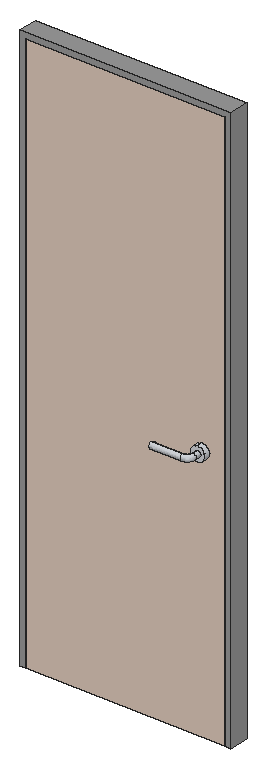
Revit family "- Solida Vicenza", category Doors, host Wall, Revit 2018
Family settings
  Host = Wall
  OmniClass Number = 23.30.10.00
  OmniClass Title = Doors
  Always vertical = Yes
  Cut with Voids When Loaded = No
  Shared = No
  Room Calculation Point = No
Parameters (values of type "- 70 x 200 cm")
  Set de Marcos = ""
  Relleno = ""
  Material Marco = - Perfil Aluminio
  Material Hoja = - Solida
  Manilla = - Manilla
  Hojas = "Simple de Abatir"
  Function = Interior
  Frame Projection Ext. = 2.50 cm
  Frame Projection Int. = 2.50 cm
  Frame Width = 7.50 cm
  Height = 200.00 cm
  Wall Closure = By host
  Width = 74.00 cm
  Distancia a Cara Interior = 6.00 cm
  Bisagras = ""
  Ancho Hoja = Width - 4.00 cm  # 70.00 cm
  Ancho = Width  # 74.00 cm
  Analytic Construction = "<None>"
  Alto = Height  # 200.00 cm
Types (12, lengths in cm): name | Height | Width | Ancho Hoja | Ancho | Alto
  - 70 x 200 cm | 200.00 | 74.00 | 70.00 | 74.00 | 200.00
  - 75 x 200 cm | 200.00 | 79.00 | 75.00 | 79.00 | 200.00
  - 80 x 200 cm | 200.00 | 84.00 | 80.00 | 84.00 | 200.00
  - 85 x 200 cm | 200.00 | 89.00 | 85.00 | 89.00 | 200.00
  - 90 x 200 cm | 200.00 | 94.00 | 90.00 | 94.00 | 200.00
  -100 x 200 cm | 200.00 | 104.00 | 100.00 | 104.00 | 200.00
  - 70 x 210 cm | 210.00 | 74.00 | 70.00 | 74.00 | 210.00
  - 75 x 210 cm | 210.00 | 79.00 | 75.00 | 79.00 | 210.00
  - 80 x 210 cm | 210.00 | 84.00 | 80.00 | 84.00 | 210.00
  - 85 x 210 cm | 210.00 | 89.00 | 85.00 | 89.00 | 210.00
  - 90 x 210 cm | 210.00 | 94.00 | 90.00 | 94.00 | 210.00
  - 100 x 210 cm | 210.00 | 104.00 | 100.00 | 104.00 | 210.00
Reference planes (cm)
  plane 1: y = 0
  plane 2 "Center (Left/Right)": x = 0
  plane 3 "Left": x = -37
  plane 4 "Right": x = 37
  plane 5: z = 200
  plane 6 "Exterior": y = 7.5
  plane 7 "Interior": y = -7.5
  plane 8: y = -1.5
  plane 9: z = 198
  plane 10: x = -35
  plane 11: x = 35
Forms (cm)
  Sweep 1, solid, material "- Perfil Aluminio" <- "Material Marco"
    path origin (0, 7.5, 0) x (1, 0, 0) y (0, 0, 1)
      loop
        line (37, 0) -> (37, 200) -> (-37, 200) -> (-37, 0)
    profile origin (37, 7.5, 100) x (-1, 0, 0) y (0, -1, 0)
      loop
        line (0, 2) -> (3, 2) -> (3, 4.3) -> (2, 4.3) -> (2, 9) -> (0, 9) -> (0, 2)
  Extrusion 2, solid, material "- Solida" <- "Material Hoja"
    sketch origin (0, 0, 0) x (1, 0, 0) y (0, 1, 0)
      loop
        line (-35, -1.5) -> (35, -1.5) -> (35, 3) -> (-35, 3) -> (-35, -1.5)
    from 0 to 198
  Sweep 3, solid, material "- Manilla" <- "Manilla", not visible
    path origin (5.8483, -7.5601, 0) x (1, 0, 0) y (0, 1, 0)
      loop
        line (22.1517, 15.0613) -> (32.1517, 15.0613)
        arc (32.1517, 15.0613) -> (33.5659, 14.4756) -> (34.1517, 13.0613) r 2
        line (34.1517, 13.0613) -> (34.1517, 11.0613)
    profile origin (33, 7.5012, 0) x (0, 1, 0) y (0, 0, 1)
      loop
        circle (0, 90) r 1
  Extrusion 4, solid, material "- Manilla" <- "Manilla", not visible
    sketch origin (0, 7.5, 0) x (1, 0, 0) y (0, 0, 1)
      loop
        circle (40, 90) r 2.5
    from 3.9988 to 5
Lines and regions (cm)
  Opening 1
    outline origin (-305, -7.5, 0) x (1, 0, 0) y (0, 0, 1)
      loop
        line (268, 0) -> (342, 0) -> (342, 200) -> (268, 200) -> (268, 0)
  symbolic lines, style "Elevation Swing"
    curve 1: line (37, -7.5, 100) -> (-37, -7.5, 200)
    curve 2: line (37, -7.5, 100) -> (-37, -7.5, 0)
    curve 7: arc (-30.5, -71.5, 0) -> (16.4246, -49.6941, 0) -> (35.2596, -1.5001, 0) r 69.4706
  symbolic lines
    curve 3: line (-35, -1.5, 0) -> (-35, -71.5, 0)
    curve 4: line (-30.5, -1.5, 0) -> (-35, -1.5, 0)
    curve 5: line (-30.5, -71.5, 0) -> (-30.5, -1.5, 0)
    curve 6: line (-35, -71.5, 0) -> (-30.5, -71.5, 0)
  model lines, not visible
    curve 8: line (-20, 3, 25) -> (20, 3, 25)
    curve 9: line (-20, 3, 65) -> (-20, 3, 25)
    curve 10: line (20, 3, 65) -> (8.6603, 3, 65)
    curve 11: line (20, 3, 25) -> (20, 3, 65)
    curve 12: line (-20, 3, 75) -> (-8.6603, 3, 75)
    curve 13: line (-20, 3, 75) -> (-20, 3, 169.9666)
    curve 14: line (20, 3, 75) -> (20, 3, 169.9666)
    curve 15: arc (-8.6603, 3, 65) -> (0, 3, 60) -> (8.6603, 3, 65) r 10
    curve 16: line (8.6603, 3, 75) -> (20, 3, 75)
    curve 17: line (-8.6603, 3, 65) -> (-20, 3, 65)
    curve 18: arc (8.6603, 3, 75) -> (0, 3, 80) -> (-8.6603, 3, 75) r 10
    curve 19: arc (14.9666, 3, 175) -> (0, 3, 183) -> (-14.9666, 3, 175) r 18
    curve 20: arc (-20, 3, 169.9666) -> (-16.4409, 3, 171.4409) -> (-14.9666, 3, 175) r 5.0334
    curve 21: arc (14.9666, 3, 175) -> (16.4409, 3, 171.4409) -> (20, 3, 169.9666) r 5.0334
    curve 22: line (-9.2195, 3, 64) -> (-19, 3, 64)
    curve 23: line (-19, 3, 64) -> (-19, 3, 26)
    curve 24: arc (9.2195, 3, 64) -> (0, 3, 59) -> (-9.2195, 3, 64) r 11
    curve 25: line (19, 3, 64) -> (9.2195, 3, 64)
    curve 26: line (19, 3, 26) -> (19, 3, 64)
    curve 27: line (-19, 3, 26) -> (19, 3, 26)
    curve 28: line (-18.9928, 3, 168.9932) -> (-18.9928, 3, 76)
    curve 29: arc (-13.9941, 3, 174.9045) -> (-15.4113, 3, 171.0338) -> (-18.9928, 3, 168.9932) r 5.9946
    curve 30: arc (13.9971, 3, 174.7848) -> (0.0327, 3, 182.1538) -> (-13.9941, 3, 174.9045) r 17.0542
    curve 31: arc (19, 3, 169.1276) -> (15.4988, 3, 171.072) -> (13.9971, 3, 174.7848) r 6.0089
    curve 32: line (19, 3, 76) -> (19, 3, 169.1276)
    curve 33: line (9.2195, 3, 76) -> (19, 3, 76)
    curve 34: arc (-9.2195, 3, 76) -> (0, 3, 81) -> (9.2195, 3, 76) r 11
    curve 35: line (-18.9928, 3, 76) -> (-9.2195, 3, 76)
    curve 36: arc (12.052, 3, 174.0667) -> (0.0498, 3, 180.1537) -> (-12.0243, 3, 174.2107) r 15.0542
    curve 37: arc (-12.0243, 3, 174.2107) -> (-13.561, 3, 170.1508) -> (-16.9928, 3, 167.4925) r 7.9946
    curve 38: line (-16.9928, 3, 167.4925) -> (-16.9928, 3, 78)
    curve 39: line (17, 3, 78) -> (17, 3, 167.6269)
    curve 40: arc (17, 3, 167.6269) -> (13.6492, 3, 170.1731) -> (12.052, 3, 174.0667) r 8.0089
    curve 41: line (-16.9928, 3, 78) -> (-10.247, 3, 78)
    curve 42: arc (-10.247, 3, 78) -> (0, 3, 83) -> (10.247, 3, 78) r 13
    curve 43: line (10.247, 3, 78) -> (17, 3, 78)
    curve 44: line (-10.247, 3, 62) -> (-17, 3, 62)
    curve 45: arc (10.247, 3, 62) -> (0, 3, 57) -> (-10.247, 3, 62) r 13
    curve 46: line (17, 3, 62) -> (10.247, 3, 62)
    curve 47: line (17, 3, 28) -> (17, 3, 62)
    curve 48: line (-17, 3, 28) -> (17, 3, 28)
    curve 49: line (-17, 3, 62) -> (-17, 3, 28)
    curve 50: line (-314, -1.5, 25) -> (-274, -1.5, 25)
    curve 51: line (-314, -1.5, 65) -> (-314, -1.5, 25)
    curve 52: line (-274, -1.5, 25) -> (-274, -1.5, 65)
    curve 53: line (-314, -1.5, 70) -> (-274, -1.5, 70)
    curve 54: line (-314, -1.5, 70) -> (-314, -1.5, 87)
    curve 55: line (-274, -1.5, 70) -> (-274, -1.5, 87)
    curve 56: line (-274, -1.5, 65) -> (-314, -1.5, 65)
    curve 57: line (-275, -1.5, 64) -> (-313, -1.5, 64)
    curve 58: line (-313, -1.5, 64) -> (-313, -1.5, 26)
    curve 59: line (-275, -1.5, 26) -> (-275, -1.5, 64)
    curve 60: line (-313, -1.5, 26) -> (-275, -1.5, 26)
    curve 61: line (-312.9928, -1.5, 86) -> (-312.9928, -1.5, 71)
    curve 62: line (-275, -1.5, 71) -> (-275, -1.5, 86)
    curve 63: line (-312.9928, -1.5, 71) -> (-275, -1.5, 71)
    curve 64: line (-310.9928, -1.5, 84) -> (-310.9928, -1.5, 73)
    curve 65: line (-277, -1.5, 73) -> (-277, -1.5, 84)
    curve 66: line (-310.9928, -1.5, 73) -> (-277, -1.5, 73)
    curve 67: line (-277, -1.5, 62) -> (-311, -1.5, 62)
    curve 68: line (-277, -1.5, 28) -> (-277, -1.5, 62)
    curve 69: line (-311, -1.5, 28) -> (-277, -1.5, 28)
    curve 70: line (-311, -1.5, 62) -> (-311, -1.5, 28)
    curve 71: line (-310.9928, -1.5, 84) -> (-277, -1.5, 84)
    curve 72: line (-314, -1.5, 87) -> (-274, -1.5, 87)
    curve 73: line (-312.9928, -1.5, 86) -> (-275, -1.5, 86)
    curve 74: line (-310.9928, -1.5, 84) -> (-277, -1.5, 84)
    curve 75: line (-314, -1.5, 97) -> (-274, -1.5, 97)
    curve 76: line (-314, -1.5, 185) -> (-314, -1.5, 97)
    curve 77: line (-274, -1.5, 97) -> (-274, -1.5, 185)
    curve 78: line (-274, -1.5, 185) -> (-314, -1.5, 185)
    curve 79: line (-275, -1.5, 184) -> (-313, -1.5, 184)
    curve 80: line (-313, -1.5, 184) -> (-313, -1.5, 98)
    curve 81: line (-275, -1.5, 98) -> (-275, -1.5, 184)
    curve 82: line (-313, -1.5, 98) -> (-275, -1.5, 98)
    curve 83: line (-277, -1.5, 182) -> (-311, -1.5, 182)
    curve 84: line (-277, -1.5, 100) -> (-277, -1.5, 182)
    curve 85: line (-311, -1.5, 100) -> (-277, -1.5, 100)
    curve 86: line (-311, -1.5, 182) -> (-311, -1.5, 100)
    curve 87: line (-320, 3, 25) -> (-280, 3, 25)
    curve 88: line (-320, 3, 65) -> (-320, 3, 25)
    curve 89: line (-280, 3, 25) -> (-280, 3, 65)
    curve 90: line (-320, 3, 72.5) -> (-280, 3, 72.5)
    curve 91: line (-280, 3, 65) -> (-320, 3, 65)
    curve 92: line (-281, 3, 64) -> (-319, 3, 64)
    curve 93: line (-319, 3, 64) -> (-319, 3, 26)
    curve 94: line (-281, 3, 26) -> (-281, 3, 64)
    curve 95: line (-319, 3, 26) -> (-281, 3, 26)
    curve 96: line (-319, 3, 73.5) -> (-281, 3, 73.5)
    curve 97: line (-317, 3, 75.5) -> (-283, 3, 75.5)
    curve 98: line (-283, 3, 62) -> (-317, 3, 62)
    curve 99: line (-283, 3, 28) -> (-283, 3, 62)
    curve 100: line (-317, 3, 28) -> (-283, 3, 28)
    curve 101: line (-317, 3, 62) -> (-317, 3, 28)
    curve 102: line (-320, 3, 179.3431) -> (-320, 3, 72.5)
    curve 103: line (-280, 3, 72.5) -> (-280, 3, 179.3431)
    curve 104: line (-319, 3, 178.3431) -> (-319, 3, 73.5)
    curve 105: line (-281, 3, 73.5) -> (-281, 3, 178.3431)
    curve 106: line (-283, 3, 75.5) -> (-283, 3, 176.3431)
    curve 107: line (-317, 3, 176.3431) -> (-317, 3, 75.5)
    curve 108: arc (-292, 3, 181) -> (-300, 3, 185) -> (-308, 3, 181) r 10
    curve 109: arc (-292, 3, 181) -> (-290.1648, 3, 179.7737) -> (-288, 3, 179.3431) r 5.6569
    curve 110: arc (-308, 3, 181) -> (-309.8352, 3, 179.7737) -> (-312, 3, 179.3431) r 5.6569
    curve 111: line (-288, 3, 179.3431) -> (-280, 3, 179.3431)
    curve 112: line (-312, 3, 179.3431) -> (-320, 3, 179.3431)
    curve 113: line (-281, 3, 178.3431) -> (-288, 3, 178.3431)
    curve 114: arc (-288, 3, 178.3431) -> (-290.5825, 3, 178.8645) -> (-292.7604, 3, 180.3468) r 6.6569
    curve 115: arc (-292.7604, 3, 180.3468) -> (-300, 3, 184) -> (-307.2396, 3, 180.3468) r 9
    curve 116: arc (-307.2396, 3, 180.3468) -> (-309.4175, 3, 178.8645) -> (-312, 3, 178.3431) r 6.6569
    curve 117: line (-312, 3, 178.3431) -> (-319, 3, 178.3431)
    curve 118: line (-283, 3, 176.3431) -> (-288, 3, 176.3431)
    curve 119: arc (-288, 3, 176.3431) -> (-291.43, 3, 177.0516) -> (-294.2985, 3, 179.0611) r 8.6569
    curve 120: arc (-294.2985, 3, 179.0611) -> (-300, 3, 182) -> (-305.7015, 3, 179.0611) r 7
    curve 121: arc (-305.7015, 3, 179.0611) -> (-308.57, 3, 177.0516) -> (-312, 3, 176.3431) r 8.6569
    curve 122: line (-312, 3, 176.3431) -> (-317, 3, 176.3431)
    curve 127: line (327, -1.5, 25) -> (348, -1.5, 25)
    curve 128: line (327, -1.5, 50) -> (327, -1.5, 25)
    curve 129: line (348, -1.5, 25) -> (348, -1.5, 50)
    curve 130: line (348, -1.5, 58.75) -> (327, -1.5, 58.75)
    curve 131: line (306, 3, 25) -> (346, 3, 25)
    curve 132: line (306, 3, 65) -> (306, 3, 25)
    curve 133: line (346, 3, 25) -> (346, 3, 65)
    curve 134: line (306, 3, 77.5) -> (346, 3, 77.5)
    curve 135: line (346, 3, 65) -> (306, 3, 65)
    curve 136: line (345, 3, 64) -> (307, 3, 64)
    curve 137: line (307, 3, 64) -> (307, 3, 26)
    curve 138: line (345, 3, 26) -> (345, 3, 64)
    curve 139: line (307, 3, 26) -> (345, 3, 26)
    curve 140: line (307, 3, 78.5) -> (345, 3, 78.5)
    curve 141: line (308.9998, 3, 80.5) -> (343.0011, 3, 80.5)
    curve 142: line (343, 3, 62) -> (309, 3, 62)
    curve 143: line (343, 3, 28) -> (343, 3, 62)
    curve 144: line (309, 3, 28) -> (343, 3, 28)
    curve 145: line (309, 3, 62) -> (309, 3, 28)
    curve 146: line (306, 3, 185) -> (306, 3, 77.5)
    curve 147: line (346, 3, 77.5) -> (346, 3, 185)
    curve 148: line (307, 3, 184) -> (307, 3, 78.5)
    curve 149: line (345, 3, 78.5) -> (345, 3, 184)
    curve 150: line (343.0011, 3, 80.5) -> (343.0011, 3, 182)
    curve 151: line (308.9998, 3, 182) -> (308.9998, 3, 80.5)
    curve 152: line (346, 3, 185) -> (306, 3, 185)
    curve 153: line (345, 3, 184) -> (307, 3, 184)
    curve 154: line (343.0011, 3, 182) -> (308.9998, 3, 182)
    curve 174: line (327, -1.5, 160) -> (348, -1.5, 160)
    curve 175: line (327, -1.5, 185) -> (327, -1.5, 160)
    curve 176: line (348, -1.5, 160) -> (348, -1.5, 185)
    curve 177: line (348, -1.5, 185) -> (327, -1.5, 185)
    curve 178: line (327, -1.5, 83.75) -> (327, -1.5, 58.75)
    curve 179: line (348, -1.5, 58.75) -> (348, -1.5, 83.75)
    curve 180: line (348, -1.5, 92.5) -> (327, -1.5, 92.5)
    curve 181: line (348, -1.5, 92.5) -> (327, -1.5, 92.5)
    curve 182: line (327, -1.5, 117.5) -> (327, -1.5, 92.5)
    curve 183: line (348, -1.5, 92.5) -> (348, -1.5, 117.5)
    curve 184: line (348, -1.5, 126.25) -> (327, -1.5, 126.25)
    curve 185: line (348, -1.5, 126.25) -> (327, -1.5, 126.25)
    curve 186: line (348, -1.5, 126.25) -> (327, -1.5, 126.25)
    curve 187: line (327, -1.5, 151.25) -> (327, -1.5, 126.25)
    curve 188: line (348, -1.5, 126.25) -> (348, -1.5, 151.25)
    curve 189: line (348, -1.5, 151.25) -> (327, -1.5, 151.25)
    curve 190: line (348, -1.5, 50) -> (327, -1.5, 50)
    curve 191: line (348, -1.5, 83.75) -> (327, -1.5, 83.75)
    curve 192: line (348, -1.5, 117.5) -> (327, -1.5, 117.5)
    curve 216: line (344, 3, 25) -> (365, 3, 25)
    curve 217: line (344, 3, 50) -> (344, 3, 25)
    curve 218: line (365, 3, 25) -> (365, 3, 50)
    curve 219: line (365, 3, 58.75) -> (344, 3, 58.75)
    curve 220: line (344, 3, 160) -> (365, 3, 160)
    curve 221: line (344, 3, 185) -> (344, 3, 160)
    curve 222: line (365, 3, 160) -> (365, 3, 185)
    curve 223: line (365, 3, 185) -> (344, 3, 185)
    curve 224: line (344, 3, 83.75) -> (344, 3, 58.75)
    curve 225: line (365, 3, 58.75) -> (365, 3, 83.75)
    curve 226: line (365, 3, 92.5) -> (344, 3, 92.5)
    curve 227: line (365, 3, 92.5) -> (344, 3, 92.5)
    curve 228: line (344, 3, 117.5) -> (344, 3, 92.5)
    curve 229: line (365, 3, 92.5) -> (365, 3, 117.5)
    curve 230: line (365, 3, 126.25) -> (344, 3, 126.25)
    curve 231: line (365, 3, 126.25) -> (344, 3, 126.25)
    curve 232: line (365, 3, 126.25) -> (344, 3, 126.25)
    curve 233: line (344, 3, 151.25) -> (344, 3, 126.25)
    curve 234: line (365, 3, 126.25) -> (365, 3, 151.25)
    curve 235: line (365, 3, 151.25) -> (344, 3, 151.25)
    curve 236: line (365, 3, 50) -> (344, 3, 50)
    curve 237: line (365, 3, 83.75) -> (344, 3, 83.75)
    curve 238: line (365, 3, 117.5) -> (344, 3, 117.5)
    curve 262: line (396, 3, 25) -> (375, 3, 25)
    curve 263: line (396, 3, 50) -> (396, 3, 25)
    curve 264: line (375, 3, 25) -> (375, 3, 50)
    curve 265: line (375, 3, 58.75) -> (396, 3, 58.75)
    curve 266: line (396, 3, 160) -> (375, 3, 160)
    curve 267: line (396, 3, 185) -> (396, 3, 160)
    curve 268: line (375, 3, 160) -> (375, 3, 185)
    curve 269: line (375, 3, 185) -> (396, 3, 185)
    curve 270: line (396, 3, 83.75) -> (396, 3, 58.75)
    curve 271: line (375, 3, 58.75) -> (375, 3, 83.75)
    curve 272: line (375, 3, 92.5) -> (396, 3, 92.5)
    curve 273: line (375, 3, 92.5) -> (396, 3, 92.5)
    curve 274: line (396, 3, 117.5) -> (396, 3, 92.5)
    curve 275: line (375, 3, 92.5) -> (375, 3, 117.5)
    curve 276: line (375, 3, 126.25) -> (396, 3, 126.25)
    curve 277: line (375, 3, 126.25) -> (396, 3, 126.25)
    curve 278: line (375, 3, 126.25) -> (396, 3, 126.25)
    curve 279: line (396, 3, 151.25) -> (396, 3, 126.25)
    curve 280: line (375, 3, 126.25) -> (375, 3, 151.25)
    curve 281: line (375, 3, 151.25) -> (396, 3, 151.25)
    curve 282: line (375, 3, 50) -> (396, 3, 50)
    curve 283: line (375, 3, 83.75) -> (396, 3, 83.75)
    curve 284: line (375, 3, 117.5) -> (396, 3, 117.5)
    curve 308: line (317, -1.5, 25) -> (296, -1.5, 25)
    curve 309: line (317, -1.5, 50) -> (317, -1.5, 25)
    curve 310: line (296, -1.5, 25) -> (296, -1.5, 50)
    curve 311: line (296, -1.5, 58.75) -> (317, -1.5, 58.75)
    curve 312: line (317, -1.5, 160) -> (296, -1.5, 160)
    curve 313: line (317, -1.5, 185) -> (317, -1.5, 160)
    curve 314: line (296, -1.5, 160) -> (296, -1.5, 185)
    curve 315: line (296, -1.5, 185) -> (317, -1.5, 185)
    curve 316: line (317, -1.5, 83.75) -> (317, -1.5, 58.75)
    curve 317: line (296, -1.5, 58.75) -> (296, -1.5, 83.75)
    curve 318: line (296, -1.5, 92.5) -> (317, -1.5, 92.5)
    curve 319: line (296, -1.5, 92.5) -> (317, -1.5, 92.5)
    curve 320: line (317, -1.5, 117.5) -> (317, -1.5, 92.5)
    curve 321: line (296, -1.5, 92.5) -> (296, -1.5, 117.5)
    curve 322: line (296, -1.5, 126.25) -> (317, -1.5, 126.25)
    curve 323: line (296, -1.5, 126.25) -> (317, -1.5, 126.25)
    curve 324: line (296, -1.5, 126.25) -> (317, -1.5, 126.25)
    curve 325: line (317, -1.5, 151.25) -> (317, -1.5, 126.25)
    curve 326: line (296, -1.5, 126.25) -> (296, -1.5, 151.25)
    curve 327: line (296, -1.5, 151.25) -> (317, -1.5, 151.25)
    curve 328: line (296, -1.5, 50) -> (317, -1.5, 50)
    curve 329: line (296, -1.5, 83.75) -> (317, -1.5, 83.75)
    curve 330: line (296, -1.5, 117.5) -> (317, -1.5, 117.5)
  model lines
    curve 123: line (5, -1.5, 25) -> (26, -1.5, 25)
    curve 124: line (5, -1.5, 50) -> (5, -1.5, 25)
    curve 125: line (26, -1.5, 25) -> (26, -1.5, 50)
    curve 126: line (26, -1.5, 58.75) -> (5, -1.5, 58.75)
    curve 155: line (5, -1.5, 160) -> (26, -1.5, 160)
    curve 156: line (5, -1.5, 185) -> (5, -1.5, 160)
    curve 157: line (26, -1.5, 160) -> (26, -1.5, 185)
    curve 158: line (26, -1.5, 185) -> (5, -1.5, 185)
    curve 159: line (5, -1.5, 83.75) -> (5, -1.5, 58.75)
    curve 160: line (26, -1.5, 58.75) -> (26, -1.5, 83.75)
    curve 161: line (26, -1.5, 92.5) -> (5, -1.5, 92.5)
    curve 162: line (26, -1.5, 92.5) -> (5, -1.5, 92.5)
    curve 163: line (5, -1.5, 117.5) -> (5, -1.5, 92.5)
    curve 164: line (26, -1.5, 92.5) -> (26, -1.5, 117.5)
    curve 165: line (26, -1.5, 126.25) -> (5, -1.5, 126.25)
    curve 166: line (26, -1.5, 126.25) -> (5, -1.5, 126.25)
    curve 167: line (26, -1.5, 126.25) -> (5, -1.5, 126.25)
    curve 168: line (5, -1.5, 151.25) -> (5, -1.5, 126.25)
    curve 169: line (26, -1.5, 126.25) -> (26, -1.5, 151.25)
    curve 170: line (26, -1.5, 151.25) -> (5, -1.5, 151.25)
    curve 171: line (26, -1.5, 50) -> (5, -1.5, 50)
    curve 172: line (26, -1.5, 83.75) -> (5, -1.5, 83.75)
    curve 173: line (26, -1.5, 117.5) -> (5, -1.5, 117.5)
    curve 193: line (-26, 3, 25) -> (-5, 3, 25)
    curve 194: line (-26, 3, 50) -> (-26, 3, 25)
    curve 195: line (-5, 3, 25) -> (-5, 3, 50)
    curve 196: line (-5, 3, 58.75) -> (-26, 3, 58.75)
    curve 197: line (-26, 3, 160) -> (-5, 3, 160)
    curve 198: line (-26, 3, 185) -> (-26, 3, 160)
    curve 199: line (-5, 3, 160) -> (-5, 3, 185)
    curve 200: line (-5, 3, 185) -> (-26, 3, 185)
    curve 201: line (-26, 3, 83.75) -> (-26, 3, 58.75)
    curve 202: line (-5, 3, 58.75) -> (-5, 3, 83.75)
    curve 203: line (-5, 3, 92.5) -> (-26, 3, 92.5)
    curve 204: line (-5, 3, 92.5) -> (-26, 3, 92.5)
    curve 205: line (-26, 3, 117.5) -> (-26, 3, 92.5)
    curve 206: line (-5, 3, 92.5) -> (-5, 3, 117.5)
    curve 207: line (-5, 3, 126.25) -> (-26, 3, 126.25)
    curve 208: line (-5, 3, 126.25) -> (-26, 3, 126.25)
    curve 209: line (-5, 3, 126.25) -> (-26, 3, 126.25)
    curve 210: line (-26, 3, 151.25) -> (-26, 3, 126.25)
    curve 211: line (-5, 3, 126.25) -> (-5, 3, 151.25)
    curve 212: line (-5, 3, 151.25) -> (-26, 3, 151.25)
    curve 213: line (-5, 3, 50) -> (-26, 3, 50)
    curve 214: line (-5, 3, 83.75) -> (-26, 3, 83.75)
    curve 215: line (-5, 3, 117.5) -> (-26, 3, 117.5)
    curve 239: line (26, 3, 25) -> (5, 3, 25)
    curve 240: line (26, 3, 50) -> (26, 3, 25)
    curve 241: line (5, 3, 25) -> (5, 3, 50)
    curve 242: line (5, 3, 58.75) -> (26, 3, 58.75)
    curve 243: line (26, 3, 160) -> (5, 3, 160)
    curve 244: line (26, 3, 185) -> (26, 3, 160)
    curve 245: line (5, 3, 160) -> (5, 3, 185)
    curve 246: line (5, 3, 185) -> (26, 3, 185)
    curve 247: line (26, 3, 83.75) -> (26, 3, 58.75)
    curve 248: line (5, 3, 58.75) -> (5, 3, 83.75)
    curve 249: line (5, 3, 92.5) -> (26, 3, 92.5)
    curve 250: line (5, 3, 92.5) -> (26, 3, 92.5)
    curve 251: line (26, 3, 117.5) -> (26, 3, 92.5)
    curve 252: line (5, 3, 92.5) -> (5, 3, 117.5)
    curve 253: line (5, 3, 126.25) -> (26, 3, 126.25)
    curve 254: line (5, 3, 126.25) -> (26, 3, 126.25)
    curve 255: line (5, 3, 126.25) -> (26, 3, 126.25)
    curve 256: line (26, 3, 151.25) -> (26, 3, 126.25)
    curve 257: line (5, 3, 126.25) -> (5, 3, 151.25)
    curve 258: line (5, 3, 151.25) -> (26, 3, 151.25)
    curve 259: line (5, 3, 50) -> (26, 3, 50)
    curve 260: line (5, 3, 83.75) -> (26, 3, 83.75)
    curve 261: line (5, 3, 117.5) -> (26, 3, 117.5)
    curve 285: line (-5, -1.5, 25) -> (-26, -1.5, 25)
    curve 286: line (-5, -1.5, 50) -> (-5, -1.5, 25)
    curve 287: line (-26, -1.5, 25) -> (-26, -1.5, 50)
    curve 288: line (-26, -1.5, 58.75) -> (-5, -1.5, 58.75)
    curve 289: line (-5, -1.5, 160) -> (-26, -1.5, 160)
    curve 290: line (-5, -1.5, 185) -> (-5, -1.5, 160)
    curve 291: line (-26, -1.5, 160) -> (-26, -1.5, 185)
    curve 292: line (-26, -1.5, 185) -> (-5, -1.5, 185)
    curve 293: line (-5, -1.5, 83.75) -> (-5, -1.5, 58.75)
    curve 294: line (-26, -1.5, 58.75) -> (-26, -1.5, 83.75)
    curve 295: line (-26, -1.5, 92.5) -> (-5, -1.5, 92.5)
    curve 296: line (-26, -1.5, 92.5) -> (-5, -1.5, 92.5)
    curve 297: line (-5, -1.5, 117.5) -> (-5, -1.5, 92.5)
    curve 298: line (-26, -1.5, 92.5) -> (-26, -1.5, 117.5)
    curve 299: line (-26, -1.5, 126.25) -> (-5, -1.5, 126.25)
    curve 300: line (-26, -1.5, 126.25) -> (-5, -1.5, 126.25)
    curve 301: line (-26, -1.5, 126.25) -> (-5, -1.5, 126.25)
    curve 302: line (-5, -1.5, 151.25) -> (-5, -1.5, 126.25)
    curve 303: line (-26, -1.5, 126.25) -> (-26, -1.5, 151.25)
    curve 304: line (-26, -1.5, 151.25) -> (-5, -1.5, 151.25)
    curve 305: line (-26, -1.5, 50) -> (-5, -1.5, 50)
    curve 306: line (-26, -1.5, 83.75) -> (-5, -1.5, 83.75)
    curve 307: line (-26, -1.5, 117.5) -> (-5, -1.5, 117.5)
Text (cm)
  text "Exterior" at (-229.5016, 109.9543, 0), in view "Ref. Level"
  text "Exterior" at (0, 161.538, 369.8081), in view "Left"
  text "Exterior" at (0, 103.6032, 387.4932), in view "Right"
Dimensions and locks (cm)
  equal spacing: plane 3 "Left", plane 2 "Center (Left/Right)", plane 4 "Right"
  "Width": plane 3 "Left" to plane 4 "Right"
  "Height": plane 5 to host wall
  equal spacing: host wall, curve 2, plane 5
  host wall to plane 5 = 200.00 cm
  locked: plane 6 "Exterior" to host wall at 0
  locked: plane 7 "Interior" to host wall
  "Distancia a Cara Interior": plane 7 "Interior" to plane 8
  locked: Sweep 1 sketch curve to Sweep 1 sketch curve at 7
  locked: plane 9 to plane 5 at 2
  locked: curve 3 to curve 5 at 4.5
  locked: plane 3 "Left" to plane 10 at 2
  locked: plane 11 to plane 4 "Right" at 2
  "Ancho Hoja": curve 6 to curve 4
  locked: Extrusion 2 sketch curve to Extrusion 2 sketch curve at 4.5
  locked: nested 1 to plane 4 "Right" at 10
  level to nested 1 = 90.00 cm
  locked: nested 2 to plane 4 "Right" at 10
  locked: nested 2 to level at 90
  locked: Sweep 1 sketch curve to Sweep 1 sketch curve at 2.3
  locked: curve 158 to Extrusion 2 at 185
  locked: Extrusion 2 to curve 200 at 185
  locked: curve 240 to plane 2 "Center (Left/Right)" at 26
  locked: plane 2 "Center (Left/Right)" to curve 287 at 26
  aligned and locked: plane 3 "Left" to Opening 1 sketch curve
  aligned and locked: plane 5 to Opening 1 sketch curve  (x2)
  aligned and locked: Opening 1 sketch curve to plane 4 "Right"
  aligned and locked: Opening 1 sketch curve to level
  aligned and locked: plane 5 to curve 1
  aligned and locked: plane 3 "Left" to curve 2
  aligned and locked: plane 1 to host wall
  aligned and locked: plane 3 "Left" to curve 1
  aligned and locked: plane 8 to Sweep 1 sketch curve
  aligned and locked: Extrusion 2 sketch curve to plane 8
  aligned and locked: Sweep 1 to level
  aligned and locked: plane 10 to curve 3
  aligned and locked: Sweep 3 to Extrusion 4
  aligned and locked: Extrusion 2 to plane 9
Automatic sketch dimensions
  plane 4 "Right" to curve 2 = 0.00 cm
  curve 2 to level = 0.00 cm
  plane 3 "Left" to Sweep 1 sketch curve = 0.00 cm
  plane 4 "Right" to Sweep 1 sketch curve = 0.00 cm
  Sweep 1 sketch curve to level = 0.00 cm  (x2)
  Sweep 1 sketch curve to plane 5 = 0.00 cm
  Sweep 1 sketch curve to profile plane = 0.00 cm
  Sweep 1 sketch curve to profile plane = 2.00 cm
  Sweep 1 sketch curve to Sweep 1 sketch curve = 1.00 cm
  curve 7 to plane 8 = 0.0001 cm
  curve 7 to plane 11 = 0.2596 cm
  curve 4 to plane 8 = 0.00 cm
  curve 7 to plane 10 = 0.7919 cm
  Sweep 3 sketch curve to Sweep 3 sketch curve = 10.00 cm
  Sweep 3 sketch curve to Sweep 3 sketch curve = 2.00 cm  (x2)
  Sweep 3 sketch curve to profile plane = 0.00 cm
  profile plane to Sweep 3 sketch curve = 90.00 cm
  Extrusion 2 sketch curve to plane 10 = 0.00 cm
  Extrusion 2 sketch curve to plane 11 = 0.00 cm
  curve 15 to curve 18 = 0.00 cm  (x4)
  curve 15 to curve 24 = 0.00 cm  (x4)
  curve 15 to curve 34 = 0.00 cm  (x4)
  curve 15 to curve 42 = 0.00 cm  (x4)
  curve 15 to curve 45 = 0.00 cm  (x4)
  curve 29 to curve 37 = 0.00 cm  (x4)
  curve 30 to curve 36 = 0.00 cm  (x4)
  curve 31 to curve 40 = 0.00 cm  (x4)
  curve 8 to curve 31 = 0.00 cm
  curve 21 to curve 31 = 0.00 cm
  curve 14 to curve 32 = 1.00 cm
  curve 10 to curve 26 = 1.00 cm
  curve 26 to curve 47 = 2.00 cm
  curve 32 to curve 39 = 2.00 cm
  curve 46 to curve 46 = 6.753 cm
  curve 39 to curve 43 = 6.753 cm
  curve 42 to curve 33 = 1.0274 cm
  curve 45 to curve 25 = 1.0274 cm
  curve 33 to curve 16 = 0.5593 cm
  curve 24 to curve 10 = 0.5593 cm
  curve 16 to curve 24 = 8.6603 cm
  curve 39 to curve 19 = 17.00 cm
  curve 19 to curve 36 = 0.0402 cm
  curve 15 to curve 12 = 8.6603 cm
  curve 15 to curve 17 = 8.6603 cm
  curve 15 to curve 22 = 0.5593 cm
  curve 12 to curve 35 = 0.5593 cm
  curve 22 to curve 44 = 1.0274 cm
  curve 34 to curve 41 = 1.0274 cm
  curve 41 to curve 38 = 6.7459 cm
  curve 47 to curve 48 = 34.00 cm
  curve 38 to curve 35 = 2.00 cm
  curve 44 to curve 22 = 2.00 cm
  curve 28 to curve 29 = 0.9959 cm
  curve 29 to curve 20 = 0.0113 cm
  curve 22 to curve 17 = 1.00 cm
  curve 8 to curve 26 = 1.00 cm
  curve 23 to curve 49 = 2.00 cm
  curve 48 to curve 49 = 34.00 cm
  curve 45 to curve 25 = 2.00 cm
  curve 25 to curve 10 = 1.00 cm
  curve 10 to curve 45 = 5.00 cm
  curve 10 to curve 16 = 10.00 cm
  curve 12 to curve 35 = 1.00 cm
  curve 34 to curve 41 = 2.00 cm
  curve 41 to curve 19 = 87.00 cm
  curve 19 to curve 30 = 0.0997 cm
  curve 36 to curve 38 = 2.3928 cm
  curve 19 to curve 39 = 2.6269 cm
  curve 37 to curve 28 = 1.5007 cm
  curve 39 to curve 32 = 1.5007 cm
  curve 28 to curve 13 = 0.9734 cm
  curve 31 to curve 14 = 0.839 cm
  curve 13 to curve 29 = 4.9378 cm
  curve 29 to curve 20 = 0.0955 cm
  curve 21 to curve 40 = 0.0527 cm
  curve 31 to curve 36 = 1.9451 cm
  curve 55 to curve 62 = 1.4142 cm
  curve 59 to curve 68 = 2.8284 cm
  curve 62 to curve 65 = 2.8284 cm
  curve 53 to curve 63 = 1.4142 cm
  curve 57 to curve 67 = 2.8284 cm
  curve 66 to curve 64 = 33.9928 cm
  curve 68 to curve 69 = 34.00 cm
  curve 64 to curve 63 = 2.8284 cm
  curve 67 to curve 57 = 2.8284 cm
  curve 57 to curve 56 = 1.4142 cm
  curve 50 to curve 59 = 1.4142 cm
  curve 58 to curve 70 = 2.8284 cm
  curve 69 to curve 70 = 34.00 cm  (x2)
  curve 53 to curve 63 = 1.4193 cm
  curve 65 to curve 62 = 2.8284 cm
  curve 61 to curve 54 = 1.4193 cm
  curve 18 to curve 24 = 0.00 cm  (x2)
  curve 18 to curve 34 = 0.00 cm  (x2)
  curve 18 to curve 42 = 0.00 cm  (x2)
  curve 18 to curve 45 = 0.00 cm  (x2)
  curve 24 to curve 34 = 0.00 cm  (x2)
  curve 24 to curve 42 = 0.00 cm  (x2)
  curve 24 to curve 45 = 0.00 cm  (x2)
  curve 34 to curve 42 = 0.00 cm  (x2)
  curve 34 to curve 45 = 0.00 cm  (x2)
  curve 42 to curve 45 = 0.00 cm  (x2)
  curve 72 to curve 51 = 0.00 cm
  curve 75 to curve 54 = 0.00 cm
  curve 76 to curve 79 = 1.00 cm
  curve 51 to curve 57 = 1.00 cm
  curve 53 to curve 63 = 1.0072 cm
  curve 79 to curve 86 = 2.00 cm
  curve 58 to curve 70 = 2.00 cm
  curve 61 to curve 66 = 2.00 cm
  curve 64 to curve 65 = 33.9928 cm
  curve 69 to curve 69 = 34.00 cm
  curve 85 to curve 65 = 0.00 cm
  curve 68 to curve 60 = 2.00 cm
  curve 65 to curve 63 = 2.00 cm
  curve 84 to curve 82 = 2.00 cm
  curve 62 to curve 55 = 1.00 cm
  curve 57 to curve 56 = 1.00 cm  (x2)
  curve 79 to curve 78 = 1.00 cm  (x2)
  curve 50 to curve 59 = 1.00 cm
  curve 59 to curve 68 = 2.00 cm
  curve 67 to curve 57 = 2.00 cm
  curve 52 to curve 53 = 5.00 cm
  curve 53 to curve 63 = 1.00 cm
  curve 62 to curve 66 = 2.00 cm
  curve 65 to curve 71 = 11.00 cm
  curve 65 to curve 62 = 2.00 cm
  curve 62 to curve 72 = 1.00 cm
  curve 55 to curve 75 = 10.00 cm
  curve 75 to curve 82 = 1.00 cm
  curve 81 to curve 84 = 2.00 cm
  curve 84 to curve 84 = 82.00 cm
  curve 83 to curve 79 = 2.00 cm
  curve 87 to curve 90 = 0.00 cm
  curve 103 to curve 105 = 1.00 cm
  curve 89 to curve 92 = 1.00 cm
  curve 105 to curve 106 = 2.00 cm
  curve 92 to curve 99 = 2.00 cm
  curve 98 to curve 98 = 34.00 cm
  curve 106 to curve 107 = 34.00 cm
  curve 97 to curve 96 = 2.00 cm
  curve 98 to curve 92 = 2.00 cm
  curve 96 to curve 102 = 1.00 cm
  curve 92 to curve 91 = 1.00 cm
  curve 87 to curve 94 = 1.00 cm
  curve 94 to curve 99 = 2.00 cm
  curve 100 to curve 101 = 34.00 cm
  curve 98 to curve 93 = 2.00 cm
  curve 92 to curve 89 = 1.00 cm
  curve 89 to curve 103 = 7.50 cm
  curve 90 to curve 105 = 1.00 cm
  curve 96 to curve 106 = 2.00 cm
  curve 97 to curve 107 = 100.8431 cm
  curve 106 to curve 107 = 0.00 cm
  curve 106 to curve 105 = 2.00 cm
  curve 105 to curve 103 = 1.00 cm
  curve 108 to curve 115 = 0.00 cm  (x4)
  curve 108 to curve 120 = 0.00 cm  (x4)
  curve 109 to curve 114 = 0.00 cm  (x3)
  curve 109 to curve 119 = 0.00 cm  (x4)
  curve 110 to curve 116 = 0.00 cm  (x3)
  curve 110 to curve 121 = 0.00 cm  (x3)
  curve 114 to curve 119 = 0.00 cm  (x3)
  curve 116 to curve 121 = 0.00 cm  (x4)
  curve 106 to curve 111 = 5.00 cm
  curve 118 to curve 115 = 12.00 cm
  curve 110 to curve 104 = 7.00 cm
  curve 115 to curve 106 = 1.3431 cm
  curve 122 to curve 117 = 2.00 cm
  curve 117 to curve 112 = 1.00 cm
  curve 110 to curve 121 = 5.6569 cm
  curve 111 to curve 109 = 5.6569 cm
  curve 109 to curve 109 = 4.00 cm
  curve 108 to curve 115 = 0.7604 cm
  curve 115 to curve 119 = 1.5381 cm
  curve 115 to curve 120 = 0.00 cm  (x2)
  curve 131 to curve 134 = 52.50 cm
  curve 147 to curve 149 = 1.4142 cm
  curve 133 to curve 136 = 1.4142 cm
  curve 149 to curve 150 = 2.8276 cm
  curve 136 to curve 143 = 2.8284 cm
  curve 142 to curve 142 = 34.00 cm  (x2)
  curve 150 to curve 151 = 34.0013 cm  (x3)
  curve 141 to curve 140 = 2.8283 cm
  curve 142 to curve 136 = 2.8284 cm
  curve 140 to curve 146 = 1.4142 cm
  curve 136 to curve 135 = 1.4142 cm
  curve 131 to curve 138 = 1.4142 cm  (x2)
  curve 138 to curve 143 = 2.8284 cm  (x2)
  curve 144 to curve 145 = 34.00 cm  (x3)
  curve 142 to curve 137 = 2.8284 cm  (x2)
  curve 136 to curve 133 = 1.4142 cm  (x2)
  curve 133 to curve 147 = 12.50 cm  (x3)
  curve 134 to curve 149 = 1.4142 cm
  curve 140 to curve 150 = 2.8276 cm
  curve 141 to curve 151 = 101.50 cm  (x2)
  curve 150 to curve 149 = 2.8276 cm  (x2)
  curve 151 to curve 148 = 2.8283 cm
  curve 149 to curve 147 = 1.4142 cm
  curve 148 to curve 146 = 1.4142 cm
  curve 146 to curve 132 = 120.00 cm
  curve 134 to curve 148 = 1.4142 cm
  curve 132 to curve 136 = 1.4142 cm
  curve 137 to curve 145 = 2.8284 cm
  curve 140 to curve 141 = 2.8283 cm
  curve 142 to curve 150 = 18.50 cm
  curve 143 to curve 139 = 2.8284 cm
  curve 140 to curve 147 = 1.4142 cm
  curve 138 to curve 131 = 1.4142 cm
  curve 134 to curve 140 = 1.4142 cm
  curve 140 to curve 151 = 2.8283 cm
  curve 131 to curve 134 = 0.00 cm
  curve 134 to curve 140 = 1.00 cm  (x2)
  curve 133 to curve 136 = 1.00 cm
  curve 149 to curve 150 = 1.9989 cm
  curve 136 to curve 143 = 2.00 cm
  curve 142 to curve 145 = 34.00 cm
  curve 151 to curve 148 = 1.9998 cm
  curve 142 to curve 136 = 2.00 cm
  curve 137 to curve 132 = 1.00 cm
  curve 140 to curve 134 = 1.00 cm
  curve 131 to curve 138 = 1.00 cm
  curve 138 to curve 143 = 2.00 cm
  curve 142 to curve 137 = 2.00 cm
  curve 136 to curve 135 = 1.00 cm
  curve 140 to curve 141 = 2.00 cm
  curve 151 to curve 148 = 2.00 cm
  curve 148 to curve 146 = 1.00 cm
  curve 196 to curve 194 = 8.75 cm
  curve 203 to curve 201 = 8.75 cm
  curve 200 to curve 210 = 33.75 cm
  curve 194 to curve 196 = 8.75 cm
  curve 201 to curve 204 = 8.75 cm
  curve 210 to curve 198 = 8.75 cm
  curve 212 to curve 205 = 33.75 cm
  curve 219 to curve 217 = 8.75 cm
  curve 226 to curve 224 = 8.75 cm
  curve 223 to curve 233 = 33.75 cm
  curve 217 to curve 219 = 8.75 cm
  curve 224 to curve 227 = 8.75 cm
  curve 233 to curve 221 = 8.75 cm
  curve 235 to curve 228 = 33.75 cm
  curve 240 to curve 260 = 0.00 cm
  curve 247 to curve 258 = 0.00 cm
  curve 247 to curve 251 = 0.00 cm
  curve 256 to curve 246 = 0.00 cm
  curve 251 to curve 261 = 21.00 cm
  curve 260 to curve 249 = 0.00 cm
  curve 259 to curve 242 = 0.00 cm
  curve 256 to curve 258 = 21.00 cm
  curve 244 to curve 246 = 21.00 cm
  curve 252 to curve 215 = 10.00 cm
  curve 214 to curve 203 = 0.00 cm
  curve 213 to curve 196 = 0.00 cm  (x2)
  curve 257 to curve 212 = 10.00 cm
  curve 211 to curve 197 = 0.00 cm
  curve 197 to curve 198 = 21.00 cm
  curve 202 to curve 201 = 21.00 cm
  curve 201 to curve 203 = 0.00 cm
  curve 212 to curve 197 = 0.00 cm
  curve 241 to curve 193 = 0.00 cm
  curve 193 to curve 194 = 25.00 cm
  curve 239 to curve 240 = 25.00 cm
  curve 241 to curve 248 = 8.75 cm
  curve 194 to curve 201 = 8.75 cm
  curve 242 to curve 260 = 25.00 cm
  curve 202 to curve 248 = 0.00 cm
  curve 247 to curve 249 = 8.75 cm
  curve 202 to curve 203 = 8.75 cm
  curve 203 to curve 215 = 25.00 cm
  curve 252 to curve 206 = 0.00 cm
  curve 205 to curve 208 = 8.75 cm
  curve 251 to curve 253 = 8.75 cm
  curve 207 to curve 211 = 25.00 cm
  curve 253 to curve 258 = 25.00 cm
  curve 211 to curve 199 = 8.75 cm
  curve 257 to curve 245 = 8.75 cm
  curve 243 to curve 246 = 25.00 cm
  curve 199 to curve 245 = 0.00 cm
  curve 263 to curve 283 = 0.00 cm
  curve 270 to curve 281 = 0.00 cm
  curve 270 to curve 274 = 0.00 cm
  curve 279 to curve 269 = 0.00 cm
  curve 274 to curve 284 = 21.00 cm
  curve 283 to curve 272 = 0.00 cm
  curve 282 to curve 265 = 0.00 cm
  curve 279 to curve 281 = 21.00 cm
  curve 267 to curve 269 = 21.00 cm
  curve 275 to curve 238 = 10.00 cm
  curve 237 to curve 226 = 0.00 cm
  curve 236 to curve 219 = 0.00 cm  (x2)
  curve 280 to curve 235 = 10.00 cm
  curve 234 to curve 220 = 0.00 cm
  curve 220 to curve 221 = 21.00 cm
  curve 225 to curve 224 = 21.00 cm
  curve 224 to curve 226 = 0.00 cm
  curve 235 to curve 220 = 0.00 cm
  curve 264 to curve 216 = 0.00 cm
  curve 216 to curve 217 = 25.00 cm
  curve 262 to curve 263 = 25.00 cm
  curve 264 to curve 271 = 8.75 cm
  curve 217 to curve 224 = 8.75 cm
  curve 265 to curve 283 = 25.00 cm
  curve 225 to curve 271 = 0.00 cm
  curve 270 to curve 272 = 8.75 cm
  curve 225 to curve 226 = 8.75 cm
  curve 226 to curve 238 = 25.00 cm
  curve 275 to curve 229 = 0.00 cm
  curve 228 to curve 231 = 8.75 cm
  curve 274 to curve 276 = 8.75 cm
  curve 230 to curve 234 = 25.00 cm
  curve 276 to curve 281 = 25.00 cm
  curve 234 to curve 222 = 8.75 cm
  curve 280 to curve 268 = 8.75 cm
  curve 266 to curve 269 = 25.00 cm
  curve 222 to curve 268 = 0.00 cm
  curve 307 to curve 287 = 0.00 cm
  curve 295 to curve 306 = 0.00 cm
  curve 289 to curve 298 = 0.00 cm
  curve 289 to curve 304 = 0.00 cm
  curve 295 to curve 296 = 21.00 cm
  curve 299 to curve 297 = 0.00 cm
  curve 288 to curve 293 = 21.00 cm
  curve 291 to curve 292 = 21.00 cm
  curve 288 to curve 305 = 0.00 cm
  curve 297 to curve 173 = 10.00 cm
  curve 286 to curve 124 = 10.00 cm
  curve 161 to curve 172 = 0.00 cm
  curve 302 to curve 170 = 10.00 cm
  curve 155 to curve 168 = 0.00 cm
  curve 161 to curve 164 = 21.00 cm
  curve 161 to curve 160 = 0.00 cm
  curve 165 to curve 164 = 0.00 cm
  curve 156 to curve 158 = 21.00 cm
  curve 126 to curve 171 = 0.00 cm
  curve 287 to curve 123 = 0.00 cm
  curve 123 to curve 124 = 25.00 cm
  curve 286 to curve 124 = 0.00 cm
  curve 287 to curve 294 = 8.75 cm
  curve 124 to curve 159 = 8.75 cm
  curve 288 to curve 306 = 25.00 cm
  curve 126 to curve 160 = 25.00 cm
  curve 293 to curve 295 = 8.75 cm
  curve 160 to curve 161 = 8.75 cm
  curve 161 to curve 173 = 25.00 cm
  curve 295 to curve 298 = 25.00 cm
  curve 163 to curve 166 = 8.75 cm
  curve 297 to curve 299 = 8.75 cm
  curve 165 to curve 169 = 25.00 cm
  curve 304 to curve 168 = 0.00 cm
  curve 169 to curve 157 = 8.75 cm
  curve 303 to curve 291 = 8.75 cm
  curve 289 to curve 292 = 25.00 cm
  curve 155 to curve 157 = 25.00 cm
  curve 330 to curve 310 = 0.00 cm
  curve 318 to curve 329 = 0.00 cm
  curve 312 to curve 321 = 0.00 cm
  curve 312 to curve 327 = 0.00 cm
  curve 318 to curve 319 = 21.00 cm
  curve 322 to curve 320 = 0.00 cm
  curve 311 to curve 316 = 21.00 cm
  curve 314 to curve 315 = 21.00 cm
  curve 311 to curve 328 = 0.00 cm
  curve 320 to curve 192 = 10.00 cm
  curve 309 to curve 128 = 10.00 cm
  curve 180 to curve 191 = 0.00 cm
  curve 325 to curve 189 = 10.00 cm
  curve 174 to curve 187 = 0.00 cm
  curve 180 to curve 183 = 21.00 cm
  curve 180 to curve 179 = 0.00 cm
  curve 184 to curve 183 = 0.00 cm
  curve 175 to curve 177 = 21.00 cm
  curve 130 to curve 190 = 0.00 cm
  curve 310 to curve 127 = 0.00 cm
  curve 127 to curve 128 = 25.00 cm
  curve 309 to curve 128 = 0.00 cm
  curve 310 to curve 317 = 8.75 cm
  curve 128 to curve 178 = 8.75 cm
  curve 311 to curve 329 = 25.00 cm
  curve 130 to curve 179 = 25.00 cm
  curve 316 to curve 318 = 8.75 cm
  curve 179 to curve 180 = 8.75 cm
  curve 180 to curve 192 = 25.00 cm
  curve 318 to curve 321 = 25.00 cm
  curve 182 to curve 185 = 8.75 cm
  curve 320 to curve 322 = 8.75 cm
  curve 184 to curve 188 = 25.00 cm
  curve 327 to curve 187 = 0.00 cm
  curve 188 to curve 176 = 8.75 cm
  curve 326 to curve 314 = 8.75 cm
  curve 312 to curve 315 = 25.00 cm
  curve 174 to curve 176 = 25.00 cm
  radius of Sweep 3 sketch curve = 1.00 cm
  radius of Extrusion 4 sketch curve = 2.50 cm
Nested families (cm)
  nested 1: "- Manilla Generica Puerta" at (27, 3, 90) x (0, 0, -1) z (0, 1, 0), type "- Manilla Generica Puerta"
  nested 2: "- Manilla Generica Puerta" at (27, -1.5, 90) x (0, 0, -1) z (0, -1, 0), type "- Manilla Generica Puerta"
Definition of nested family "- Manilla Generica Puerta"
  Parameters (values of type "- Manilla Generica Puerta")
    Manilla = none
    Default Elevation = 121.92 cm
  Reference planes (cm)
    plane 1 "Center (Front/Back)": y = 0
    plane 2: z = 0
    plane 3 "Center (Left/Right)": x = 0
    plane 4: z = 2
  Forms (cm)
    Extrusion 1, solid
      sketch origin (0, 0, 0) x (1, 0, 0) y (0, 1, 0)
        loop
          line (-121.92, 121.92) -> (-121.92, -121.92) -> (121.92, -121.92) -> (121.92, 121.92) -> (-121.92, 121.92)
      from 0 to -30.48
    Extrusion 2, solid, material <- "Manilla"
      sketch origin (0, 0, 0) x (1, 0, 0) y (0, 1, 0)
        loop
          circle (0, 0) r 2.5
      from 0 to 2
    Sweep 3, solid, material <- "Manilla"
      path origin (0, 0, 0) x (0, 1, 0) y (0, 0, 1)
        loop
          line (0, 2) -> (0, 4)
          arc (0, 4) -> (0.5858, 5.4142) -> (2, 6) r 2
          line (2, 6) -> (13, 6)
      profile origin (0, 0, 3) x (0, -1, 0) y (1, 0, 0)
        loop
          circle (0, 0) r 1
  Dimensions and locks (cm)
    locked: Extrusion 2 to Extrusion 2 at 2
    locked: plane 4 to level at 2
    aligned and locked: plane 2 to Extrusion 1
    aligned and locked: level to Extrusion 1
    aligned and locked: plane 4 to Sweep 3
